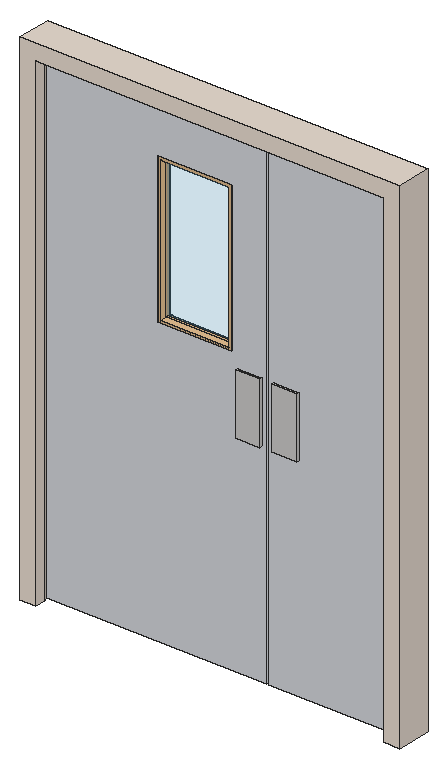
Revit family "DSP_A3-Door-Double-Action-Smartbim", category Doors, host Wall, Revit 2016
Family settings
  Host = Wall
  Always vertical = Yes
  Cut with Voids When Loaded = No
  Shared = No
  Room Calculation Point = No
Parameters (values of type "7ft x 5ft")
  swing opening 2 = leaf width 2 * 2 - 0' 5.03937"  # 5' - 6.61688"
  swing opening = leaf width * 2 - 0' 5.03937"  # 2' - 11.11688"
  leaf width 2 = 2' - 11 53/64"
  leaf width = 1' - 8 5/64"
  VP width = 0' - 11 13/16"
  VP height = 2' - 0 1/64"
  SmartBIM Object Version = 3
  SmartBIM Object Created By = "SMARTBIM, LLC"
  Rough Height = 6' - 9 13/128"
  Function = Interior
  Frame Projection Ext. = 0' - 0 63/64"
  Frame Projection Int. = 0' - 0 63/64"
  Frame Width = 0' - 2 61/64"
  Height = 6' - 6 139/256"
  Wall Closure = By host
  Width = leaf width + leaf width 2 + 0' 5.27559"  # 5' - 1.18184"
  Assembly Code = "B2030200"
  95 CSI = "08000"
  04 CSI = "08 00 00"
Reference planes (in)
  plane 1: y = 0
  plane 2 "Center (Left/Right)": x = 0
  plane 3 "Left": x = -30.59092
  plane 4 "Right": x = 30.59092
  plane 5: z = 81.10156
  plane 6 "Exterior": y = 3.93701
  plane 7 "Interior": y = -3.93701
  plane 8: x = -27.95312
  plane 9: x = 27.95313
  plane 10: x = 1.96949
  plane 11: z = 70.47164
  plane 12: z = 46.45602
  plane 13: x = -9.84301
  plane 14: z = 78.34566
  plane 15 "meeting stile": x = 7.875
  plane 16: z = 39.37008
Forms (in)
  Sweep 1, solid, material "steel frame"
    path origin (0, 3.93701, 0) x (1, 0, 0) y (0, 0, 1)
      loop
        line (30.59092, 0) -> (30.59092, 81.10156) -> (-30.59092, 81.10156) -> (-30.59092, 0)
    profile origin (30.59092, 3.93701, 40.55078) x (-1, 0, 0) y (0, -1, 0)
      loop
        line (0, 1.1811) -> (2.55906, 1.1811) -> (2.55906, 2.85433) -> (2.3622, 3.34646) -> (2.3622, 4.52756) -> (2.55906, 5.01969) -> (2.55906, 6.69291) -> (0, 6.69291) -> (0, 1.1811)
  Extrusion 2, solid
    sketch origin (0, 0, 0) x (1, 0, 0) y (0, 1, 0)
      loop
        line (-27.75627, -0.94488) -> (7.67782, -0.94488)
        arc (7.67782, -0.94488) -> (7.87467, 0) -> (7.67782, 0.94488) r 2.36614
        line (7.67782, 0.94488) -> (-27.75627, 0.94488)
        arc (-27.75627, 0.94488) -> (-27.95313, 0) -> (-27.75627, -0.94488) r 2.36614
    from 0.3937 to 78.34646
  Extrusion 3, solid
    sketch origin (0, 0, 0) x (-1, 0, 0) y (0, -1, 0)
      loop
        arc (-27.75627, 0.94488) -> (-27.95313, 0) -> (-27.75627, -0.94488) r 2.36614
        line (-27.75627, -0.94488) -> (-8.07185, -0.94488)
        arc (-8.07185, -0.94488) -> (-7.875, 0) -> (-8.07185, 0.94488) r 2.36614
        line (-8.07185, 0.94488) -> (-27.75627, 0.94488)
    from 0.3937 to 78.34646
  Extrusion 4, void
    sketch origin (-23.62205, -3.93701, 0) x (1, 0, 0) y (0, 0, 1)
      loop
        line (13.77904, 70.47164) -> (13.77904, 46.45602) -> (25.59154, 46.45602) -> (25.59154, 70.47164) -> (13.77904, 70.47164)
    from -5.01969 to -2.85433
  Sweep 5, solid
    path origin (0, 3.93701, 0) x (1, 0, 0) y (0, 0, 1)
      loop
        line (1.96949, 46.45602) -> (1.96949, 70.47164) -> (-9.84301, 70.47164) -> (-9.84301, 46.45602) -> (1.96949, 46.45602)
    profile origin (1.96949, 3.93701, 58.46383) x (-1, 0, 0) y (0, -1, 0)
      loop
        line (0, 4.88189) -> (0, 2.99213) -> (0.3937, 2.99213) -> (0.7874, 3.54331) -> (0.7874, 4.33071) -> (0.3937, 4.88189) -> (0, 4.88189)
  Sweep 6, solid
    path origin (0, -3.93701, 0) x (1, 0, 0) y (0, 0, 1)
      loop
        line (-5.90551, 47.24342) -> (-5.90551, 69.68424)
    profile origin (-5.90551, -3.93701, 58.46383) x (-1, 0, 0) y (0, -1, 0)
      loop
        line (3.1501, -3.83858) -> (-7.0876, -3.83858) -> (-7.0876, -4.03543) -> (3.1501, -4.03543) -> (3.1501, -3.83858)
Cuts and joins
  Extrusion 4 cuts Sweep 1
  Extrusion 4 cuts Extrusion 3
  Extrusion 4 cuts Extrusion 2
Lines and regions (in)
  Opening 1
    outline origin (-120.07874, -3.93701, 0) x (1, 0, 0) y (0, 0, 1)
      loop
        line (89.48782, 0) -> (150.66966, 0) -> (150.66966, 81.10156) -> (89.48782, 81.10156) -> (89.48782, 0)
  symbolic lines, style "DoorsPanelProjection"
    curve 1: line (27.87799, 17.55844, 0) -> (25.98823, 17.55844, 0)
    curve 2: line (25.98823, 17.55844, 0) -> (25.98823, 0, 0)
    curve 3: line (27.87799, 0, 0) -> (25.98823, 0, 0)
    curve 4: line (-27.75299, 33.30844, 0) -> (-25.86323, 33.30844, 0)
    curve 5: line (-25.86323, 33.30844, 0) -> (-25.86323, -0.05844, 0)
    curve 7: line (-27.75299, -0.05844, 0) -> (-27.75299, 33.30844, 0)
    curve 9: line (-27.75299, -0.05844, 0) -> (-25.86323, -0.05844, 0)
    curve 10: line (27.87799, 0, 0) -> (27.87799, 17.55844, 0)
  symbolic lines, style "Plan Swing"
    curve 6: arc (25.98823, 17.54966, 0) -> (13.17119, 12.56758, 0) -> (7.8751, -0.12294, 0) r 17.55844
    curve 8: arc (7.8751, -0.12294, 0) -> (-1.98934, 23.66098, 0) -> (-25.86323, 33.30566, 0) r 33.30844
Text (in)
  text "Exterior" at (-90.35496, 43.28909, 0), in view "Ref. Level"
  text "Exterior" at (0, 63.59764, 145.59372), in view "Left"
  text "Exterior" at (0, 40.78868, 152.55637), in view "Right"
Dimensions and locks (in)
  equal spacing: plane 3 "Left", plane 2 "Center (Left/Right)", plane 4 "Right"
  "Width": plane 3 "Left" to plane 4 "Right"
  "Rough Height": host wall to plane 5
  host wall to plane 5 = 6' - 9 13/128"
  locked: plane 6 "Exterior" to host wall at 0
  locked: plane 7 "Interior" to host wall
  Sweep 1 to host wall to Sweep 1 = 0' - 2.75591" locked, 0' - 2.75591"
  locked: plane 15 "meeting stile" to plane 10 at 5.90551
  locked: plane 5 to plane 14 at 2.75591
  locked: plane 14 to plane 11 at 7.87402
  "VP height": plane 11 to plane 12
  "VP width": plane 10 to plane 13
  "leaf width 2": plane 8 to plane 15 "meeting stile"
  "leaf width": plane 15 "meeting stile" to plane 9
  plane 3 "Left" to plane 8 = 0' - 2.6378"
  plane 9 to plane 4 "Right" = 0' - 2.6378"
  locked: curve 2 to plane 4 "Right" at 4.60269
  locked: plane 3 "Left" to curve 5 at 4.72769
  level to plane 16 = 3' - 3.37008"
  equal spacing: nested 1, plane 16, nested 1
  equal spacing: nested 2, plane 16, nested 2
  nested 3 to nested 3 = 0' - 9.84252"
  nested 4 to nested 4 = 0' - 9.84252"
  equal spacing: nested 4, plane 16, nested 4
  equal spacing: nested 3, plane 16, nested 3
  equal spacing: cut or joined group of Extrusion 3, Extrusion 4, host wall, cut or joined group of Extrusion 3, Extrusion 4
  equal spacing: cut or joined group of Extrusion 2, Extrusion 4, host wall, cut or joined group of Extrusion 2, Extrusion 4
  locked: host wall to Sweep 6 sketch curve at 0.09843
  locked: Sweep 6 sketch curve to host wall at 0.09843
  locked: nested 2 to plane 15 "meeting stile" at 0.98425
  locked: nested 1 to plane 15 "meeting stile" at 0.98425
  locked: nested 3 to plane 15 "meeting stile" at 0.98425
  locked: plane 15 "meeting stile" to nested 4 at 0.98425
  aligned and locked: plane 3 "Left" to Opening 1 sketch curve
  aligned and locked: plane 5 to Opening 1 sketch curve  (x2)
  aligned and locked: Opening 1 sketch curve to plane 4 "Right"
  aligned and locked: Opening 1 sketch curve to level
  aligned and locked: plane 1 to host wall
  aligned and locked: Sweep 5 sketch curve to cut or joined group of Extrusion 2, Extrusion 4  (x2)
  aligned and locked: cut or joined group of Extrusion 2, Extrusion 4 to Sweep 5 sketch curve
  aligned and locked: plane 10 to Sweep 5 sketch curve
  aligned and locked: Extrusion 4 to Sweep 1
  aligned and locked: Sweep 1 to Extrusion 4
  aligned and locked: Sweep 5 sketch curve to plane 12
  aligned and locked: Sweep 5 sketch curve to plane 13
  aligned and locked: plane 11 to Sweep 5 sketch curve
  aligned and locked: Sweep 5 to Sweep 6 sketch curve  (x4)
Automatic sketch dimensions
  Sweep 1 sketch curve to plane 3 "Left" = 0' - 0"
  Sweep 1 sketch curve to plane 4 "Right" = 0' - 0"
  Sweep 1 sketch curve to level = 0' - 0"  (x2)
  Sweep 1 sketch curve to plane 5 = 0' - 0"
  Extrusion 4 sketch curve to plane 11 = 0' - 0"
  Extrusion 4 sketch curve to plane 13 = 0' - 0"
  Extrusion 4 sketch curve to plane 10 = 0' - 0"
  Extrusion 4 sketch curve to plane 12 = 0' - 0"
  Sweep 1 sketch curve to profile plane = 0' - 0"
  Sweep 1 sketch curve to profile plane = 0' - 2.3622"
  Sweep 1 sketch curve to Sweep 1 sketch curve = 0' - 0.19685"  (x2)
  plane 6 "Exterior" to Sweep 1 sketch curve = 0' - 1.1811"
  Sweep 1 sketch curve to Sweep 1 sketch curve = 0' - 1.67323"  (x2)
  Sweep 1 sketch curve to Sweep 1 sketch curve = 0' - 0.49213"  (x2)
  Sweep 1 sketch curve to Sweep 1 sketch curve = 0' - 1.1811"
  Extrusion 2 sketch curve to host wall = 0' - 0"  (x2)
  plane 8 to Extrusion 2 sketch curve = 0' - 0.19685"  (x2)
  plane 8 to Extrusion 2 sketch curve = 0' - 2.36614"
  Extrusion 2 sketch curve to plane 15 "meeting stile" = 0' - 2.36647"
  Extrusion 2 sketch curve to plane 15 "meeting stile" = 0' - 0.19718"
  host wall to Extrusion 2 sketch curve = 0' - 0.94488"
  Extrusion 3 sketch curve to host wall = 0' - 0"  (x2)
  plane 9 to Extrusion 3 sketch curve = 0' - 0.19685"  (x2)
  Extrusion 3 sketch curve to Extrusion 3 sketch curve = 0' - 2.16929"
  Extrusion 3 sketch curve to plane 15 "meeting stile" = 0' - 2.36614"
  Extrusion 3 sketch curve to plane 15 "meeting stile" = 0' - 0.19685"
  Extrusion 3 sketch curve to host wall = 0' - 0.94488"
  Sweep 5 sketch curve to profile plane = 0' - 0.3937"  (x2)
  Sweep 5 sketch curve to Sweep 5 sketch curve = 0' - 0.3937"
  Sweep 5 sketch curve to Sweep 5 sketch curve = 0' - 0.55118"  (x2)
  plane 13 to Sweep 6 sketch curve = 0' - 3 15/16"
  curve 8 to host wall = 0' - 0"
  curve 3 to host wall = 0' - 0"
  curve 6 to host wall = 0' - 0"
  plane 8 to curve 4 = 0' - 0.20013"
  curve 5 to curve 8 = 0' - 0.43012"
  plane 15 "meeting stile" to curve 6 = 0' - 0.0001"
  curve 6 to curve 3 = 0' - 0.55512"
  curve 6 to curve 1 = 0' - 1.88976"
  host wall to curve 9 = 0' - 0.05844"
  host wall to curve 6 = 0' - 0.12294"
  curve 8 to curve 4 = 0' - 0.00278"
  curve 6 to curve 1 = 0' - 0.00878"
Nested families (in)
  nested 1: "push plate" at (10.82776, 1.31946, -0.11811), type "push plate", detail levels medium+fine
    with Material Handle none
  nested 2: "push plate" at (4.92224, 0.94488, -0.11811), type "push plate"
  nested 3: "push plate" at (10.82776, -1.31946, -0.11811), type "push plate", detail levels medium+fine
    with Material Handle none
  nested 4: "push plate" at (4.92224, -0.94488, -0.11811), type "push plate"
Definition of nested family "push plate"
  Parameters
    Material Handle [instance] = none
  Reference planes (in)
    plane 1 "Center (Front/Back)": y = 0
    plane 2: z = 0
    plane 3 "Center (Left/Right)": x = 0
  Forms (in)
    Sweep 1, solid, material <- "Material Handle", detail levels medium+fine
      path origin (-6.88976, 2.95276, 43.4252) x (0, -1, 0) y (1, 0, 0)
        loop
          line (2.95276, 6.88976) -> (3.32734, 6.88976)
      profile origin (0, -0.18729, 39.48819) x (1, 0, 0) y (0, 0, 1)
        loop
          line (-1.9685, 4.92126) -> (-1.9685, -4.92126) -> (1.9685, -4.92126) -> (1.9685, 4.92126) -> (-1.9685, 4.92126)
